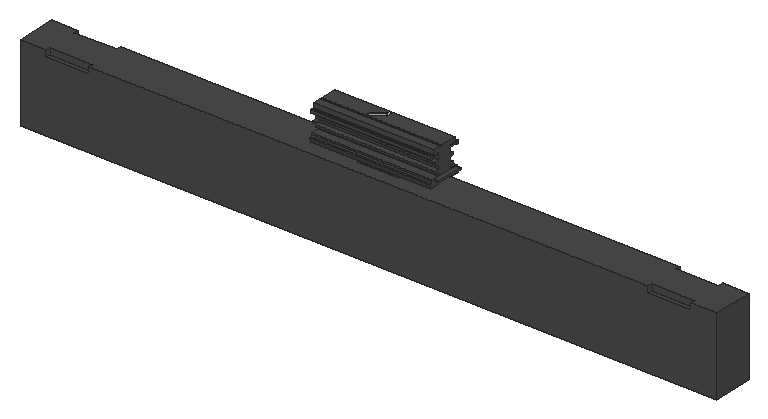
Revit family "DOT SINGLE HEAD RAIL 646_DTM30W6.5.15", category Luminarias, Revit 2019
Family settings
  Cota de conector redondo = Diámetro de uso
  Tipo de pieza = Normal
  Se basa en plano de trabajo = Sí
  Siempre vertical = Sí
  Corte con vacíos al cargar = No
  Origen de luz = Sí
  Compartido = No
  Punto de cálculo de habitación = No
Parameters (values of type "DOT SINGLE HEAD RAIL 646_DTM30W6.5.15")
  Ángulo de inclinación = 60.00°
  Zone [instance] = ""
  Watt per fixture = 30
  Wattage = 30 W
  built-in parameter 1150107 = 3000 (stored number, unit not read)
  built-in parameter 1150110 = 1 (stored number, unit not read)
  built-in parameter 1150109 = 1 (stored number, unit not read)
  built-in parameter 1150112 = 1 (stored number, unit not read)
  built-in parameter 1150113 = 1 (stored number, unit not read)
  built-in parameter 1114218 = 1 (stored number, unit not read)
  Keynote = ""
  built-in parameter 1150137 = (empty or 0)
  built-in parameter 1150132 = (empty or 0)
  Modelo = "DTM30W6.5.15"
  Lámpara = "3030SMD PHILIPS"
  built-in parameter 1150105 = 202.92 (stored number, unit not read)
  built-in parameter 1150102 = (empty or 0)
  built-in parameter 1150106 = 2.0292 (stored number, unit not read)
  Lumens = 2550 lm
  Color Filter = 16777215
  built-in parameter 1114217 = 1 (stored number, unit not read)
  built-in parameter 1150139 = (empty or 0)
  Fabricante = "BRILLANT"
  Default Elevation = 1219.2 mm
  built-in parameter 1150104 = 7.8968 (stored number, unit not read)
  Descripción = "LUMINARIA DOWNLIGHT EN FORMATO RECTANGULAR COMPATIBLE CON RIEL DE 6 ENTRADAS Y 3 CIRCUITOS CON CABEZAL PARA PODER DIRIGIR LA LUMINARIA HASTA 30 GRADOS, CUERPO DE ALUMINIO ACABADO EN COLOR NEGRO, IP 20, PESO 1.48Kg, TIPO DE LED 3030SMD PHILIPS CON 30W TOTAL, 1400 LUMENES, 85LM/W, IRC 90, TEMPERATURA EN BLANCO CALIDO 3000K, 50 MIL HORAS DE VIDA PROMEDIO, APERTURA DE 15 GRADOS POR PROYECTO, ALIMENTADO A 90-240V"
  built-in parameter 1150115 = 1 (stored number, unit not read)
  built-in parameter 1150114 = 1 (stored number, unit not read)
  Comentarios de vataje = "90-240V"
  built-in parameter 1150138 = (empty or 0)
  built-in parameter 1150134 = (empty or 0)
  Circuit [instance] = ""
  Dimming Lamp Color Temperature Shift = (empty or 0)
  Archivo de red fotométrica = "L646A-30W-830-B-15_IESNA95.IES"
  built-in parameter 1150133 = 10 (stored number, unit not read)
Reference planes
  plane 1 "Centro (Frontal/Posterior)": y = 0
  plane 2: z = 0
  plane 3 "Centro (Izquierda/Derecha)": x = 0
Forms (mm)
  Extrusion 1, solid, material "Default Form"
    sketch origin (0, 0, 0) x (1, 0, 0) y (0, 0, 1)
      loop
        line (-323, 0) -> (-323, -72) -> (323, -72) -> (323, 0) -> (-323, 0)
    from -18.326 to 18.326
  Blend 2, void
    base sketch origin (0, 0, 0) x (1, 0, 0) y (0, 1, 0)
      loop
        line (-162, 16.149) -> (-162, -16.149) -> (-144.14, -16.149) -> (-144.14, 16.149) -> (-162, 16.149)
    top sketch origin (0, 0, 0) x (1, 0, 0) y (0, 1, 0)
      loop
        line (-160, 12.149) -> (-160, -12.149) -> (-146.14, -12.149) -> (-146.14, 12.149) -> (-160, 12.149)
    from -72 to -61.591
  Blend 3, void
    base sketch origin (21.86, 0, 0) x (1, 0, 0) y (0, 1, 0)
      loop
        line (-162, 16.149) -> (-162, -16.149) -> (-144.14, -16.149) -> (-144.14, 16.149) -> (-162, 16.149)
    top sketch origin (21.86, 0, 0) x (1, 0, 0) y (0, 1, 0)
      loop
        line (-160, 12.149) -> (-160, -12.149) -> (-146.14, -12.149) -> (-146.14, 12.149) -> (-160, 12.149)
    from -72 to -61.591
  Blend 4, void
    base sketch origin (43.72, 0, 0) x (1, 0, 0) y (0, 1, 0)
      loop
        line (-162, 16.149) -> (-162, -16.149) -> (-144.14, -16.149) -> (-144.14, 16.149) -> (-162, 16.149)
    top sketch origin (43.72, 0, 0) x (1, 0, 0) y (0, 1, 0)
      loop
        line (-160, 12.149) -> (-160, -12.149) -> (-146.14, -12.149) -> (-146.14, 12.149) -> (-160, 12.149)
    from -72 to -61.591
  Blend 5, void
    base sketch origin (65.58, 0, 0) x (1, 0, 0) y (0, 1, 0)
      loop
        line (-162, 16.149) -> (-162, -16.149) -> (-144.14, -16.149) -> (-144.14, 16.149) -> (-162, 16.149)
    top sketch origin (65.58, 0, 0) x (1, 0, 0) y (0, 1, 0)
      loop
        line (-160, 12.149) -> (-160, -12.149) -> (-146.14, -12.149) -> (-146.14, 12.149) -> (-160, 12.149)
    from -72 to -61.591
  Blend 6, void
    base sketch origin (87.44, 0, 0) x (1, 0, 0) y (0, 1, 0)
      loop
        line (-162, 16.149) -> (-162, -16.149) -> (-144.14, -16.149) -> (-144.14, 16.149) -> (-162, 16.149)
    top sketch origin (87.44, 0, 0) x (1, 0, 0) y (0, 1, 0)
      loop
        line (-160, 12.149) -> (-160, -12.149) -> (-146.14, -12.149) -> (-146.14, 12.149) -> (-160, 12.149)
    from -72 to -61.591
  Blend 7, void
    base sketch origin (109.3, 0, 0) x (1, 0, 0) y (0, 1, 0)
      loop
        line (-162, 16.149) -> (-162, -16.149) -> (-144.14, -16.149) -> (-144.14, 16.149) -> (-162, 16.149)
    top sketch origin (109.3, 0, 0) x (1, 0, 0) y (0, 1, 0)
      loop
        line (-160, 12.149) -> (-160, -12.149) -> (-146.14, -12.149) -> (-146.14, 12.149) -> (-160, 12.149)
    from -72 to -61.591
  Blend 8, void
    base sketch origin (131.16, 0, 0) x (1, 0, 0) y (0, 1, 0)
      loop
        line (-162, 16.149) -> (-162, -16.149) -> (-144.14, -16.149) -> (-144.14, 16.149) -> (-162, 16.149)
    top sketch origin (131.16, 0, 0) x (1, 0, 0) y (0, 1, 0)
      loop
        line (-160, 12.149) -> (-160, -12.149) -> (-146.14, -12.149) -> (-146.14, 12.149) -> (-160, 12.149)
    from -72 to -61.591
  Blend 9, void
    base sketch origin (153.02, 0, 0) x (1, 0, 0) y (0, 1, 0)
      loop
        line (-162, 16.149) -> (-162, -16.149) -> (-144.14, -16.149) -> (-144.14, 16.149) -> (-162, 16.149)
    top sketch origin (153.02, 0, 0) x (1, 0, 0) y (0, 1, 0)
      loop
        line (-160, 12.149) -> (-160, -12.149) -> (-146.14, -12.149) -> (-146.14, 12.149) -> (-160, 12.149)
    from -72 to -61.591
  Blend 10, void
    base sketch origin (174.88, 0, 0) x (1, 0, 0) y (0, 1, 0)
      loop
        line (-162, 16.149) -> (-162, -16.149) -> (-144.14, -16.149) -> (-144.14, 16.149) -> (-162, 16.149)
    top sketch origin (174.88, 0, 0) x (1, 0, 0) y (0, 1, 0)
      loop
        line (-160, 12.149) -> (-160, -12.149) -> (-146.14, -12.149) -> (-146.14, 12.149) -> (-160, 12.149)
    from -72 to -61.591
  Blend 11, void
    base sketch origin (196.74, 0, 0) x (1, 0, 0) y (0, 1, 0)
      loop
        line (-162, 16.149) -> (-162, -16.149) -> (-144.14, -16.149) -> (-144.14, 16.149) -> (-162, 16.149)
    top sketch origin (196.74, 0, 0) x (1, 0, 0) y (0, 1, 0)
      loop
        line (-160, 12.149) -> (-160, -12.149) -> (-146.14, -12.149) -> (-146.14, 12.149) -> (-160, 12.149)
    from -72 to -61.591
  Blend 12, void
    base sketch origin (218.6, 0, 0) x (1, 0, 0) y (0, 1, 0)
      loop
        line (-162, 16.149) -> (-162, -16.149) -> (-144.14, -16.149) -> (-144.14, 16.149) -> (-162, 16.149)
    top sketch origin (218.6, 0, 0) x (1, 0, 0) y (0, 1, 0)
      loop
        line (-160, 12.149) -> (-160, -12.149) -> (-146.14, -12.149) -> (-146.14, 12.149) -> (-160, 12.149)
    from -72 to -61.591
  Blend 13, void
    base sketch origin (240.46, 0, 0) x (1, 0, 0) y (0, 1, 0)
      loop
        line (-162, 16.149) -> (-162, -16.149) -> (-144.14, -16.149) -> (-144.14, 16.149) -> (-162, 16.149)
    top sketch origin (240.46, 0, 0) x (1, 0, 0) y (0, 1, 0)
      loop
        line (-160, 12.149) -> (-160, -12.149) -> (-146.14, -12.149) -> (-146.14, 12.149) -> (-160, 12.149)
    from -72 to -61.591
  Blend 14, void
    base sketch origin (262.32, 0, 0) x (1, 0, 0) y (0, 1, 0)
      loop
        line (-162, 16.149) -> (-162, -16.149) -> (-144.14, -16.149) -> (-144.14, 16.149) -> (-162, 16.149)
    top sketch origin (262.32, 0, 0) x (1, 0, 0) y (0, 1, 0)
      loop
        line (-160, 12.149) -> (-160, -12.149) -> (-146.14, -12.149) -> (-146.14, 12.149) -> (-160, 12.149)
    from -72 to -61.591
  Blend 15, void
    base sketch origin (284.18, 0, 0) x (1, 0, 0) y (0, 1, 0)
      loop
        line (-162, 16.149) -> (-162, -16.149) -> (-144.14, -16.149) -> (-144.14, 16.149) -> (-162, 16.149)
    top sketch origin (284.18, 0, 0) x (1, 0, 0) y (0, 1, 0)
      loop
        line (-160, 12.149) -> (-160, -12.149) -> (-146.14, -12.149) -> (-146.14, 12.149) -> (-160, 12.149)
    from -72 to -61.591
  Blend 16, void
    base sketch origin (306.04, 0, 0) x (1, 0, 0) y (0, 1, 0)
      loop
        line (-162, 16.149) -> (-162, -16.149) -> (-144.14, -16.149) -> (-144.14, 16.149) -> (-162, 16.149)
    top sketch origin (306.04, 0, 0) x (1, 0, 0) y (0, 1, 0)
      loop
        line (-160, 12.149) -> (-160, -12.149) -> (-146.14, -12.149) -> (-146.14, 12.149) -> (-160, 12.149)
    from -72 to -61.591
  Extrusion 17, solid, material "Default Form"
    sketch origin (-55.628, 0, 7.5) x (0, 1, 0) y (0, 0, 1)
      loop
        line (-7.273, 1.74) -> (7.273, 1.74) -> (7.273, 0) -> (15.231, 0) -> (17.006, 4.494) -> (15.021, 4.494) -> (14.058, 5.868) -> (14.058, 7.166) -> (6.473, 7.166) -> (6.473, 9.324) -> (10.169, 10.163) -> (10.169, 12.464) -> (6.473, 13.302) -> (6.473, 16.66) -> (10.169, 17.499) -> (10.169, 19.8) -> (6.473, 20.638) -> (6.473, 25.016) -> (13.839, 25.016) -> (14.514, 24.341) -> (15.775, 24.341) -> (15.775, 27.171) -> (14.73, 27.171) -> (14.058, 26.499) -> (6.473, 26.499) -> (6.473, 27.299) -> (12.377, 27.299) -> (12.377, 31.471) -> (-2.744, 31.471) -> (-2.744, 30.671) -> (-5.514, 30.671) -> (-5.514, 31.471) -> (-12.377, 31.471) -> (-12.377, 27.299) -> (-6.473, 27.299) -> (-6.473, 26.499) -> (-14.058, 26.499) -> (-14.73, 27.171) -> (-15.775, 27.171) -> (-15.775, 24.341) -> (-14.514, 24.341) -> (-13.839, 25.016) -> (-6.473, 25.016) -> (-6.473, 20.638) -> (-10.169, 19.8) -> (-10.169, 17.499) -> (-6.473, 16.66) -> (-6.473, 13.302) -> (-10.169, 12.464) -> (-10.169, 10.163) -> (-6.473, 9.324) -> (-6.473, 7.166) -> (-14.058, 7.166) -> (-14.058, 5.868) -> (-15.021, 4.494) -> (-17.006, 4.494) -> (-15.231, 0) -> (-7.273, 0) -> (-7.273, 1.74)
    from 0 to 111.256
  Extrusion 18, solid, material "Default Form"
    sketch origin (0, 0, 0) x (1, 0, 0) y (0, 1, 0)
      loop
        line (-19.12, 6.873) -> (-19.12, -6.873) -> (19.12, -6.873) -> (19.12, 6.873) -> (-19.12, 6.873)
    from 0 to 2.67
  Extrusion 19, solid, material "Default Form"
    sketch origin (0, 0, 0) x (1, 0, 0) y (0, 1, 0)
      loop
        line (-10.93, 3.188) -> (-10.93, -3.188) -> (10.93, -3.188) -> (10.93, 3.188) -> (-10.93, 3.188)
    from 2.67 to 7.5
  Extrusion 20, void
    sketch origin (0, 0, 0) x (1, 0, 0) y (0, 1, 0)
      loop
        line (-259.42, 18.326) -> (-299.14, 18.326) -> (-299.14, 14.276) -> (-259.42, 14.276) -> (-259.42, 18.326)
      loop
        line (-299.14, -18.326) -> (-259.42, -18.326) -> (-259.42, -14.276) -> (-299.14, -14.276) -> (-299.14, -18.326)
      loop
        line (299.14, -18.326) -> (299.14, -14.276) -> (259.42, -14.276) -> (259.42, -18.326) -> (299.14, -18.326)
      loop
        line (299.14, 18.326) -> (259.42, 18.326) -> (259.42, 14.276) -> (299.14, 14.276) -> (299.14, 18.326)
    from -6.015 to 0
  Extrusion 21, solid, material "Acero Inoxidable"
    sketch origin (0, -1.594, 0) x (1, 0, 0) y (0, 0, -1)
      loop
        line (-15, -38.971) -> (3.794, -45.811) -> (4.341, -44.308) -> (3.589, -44.034) -> (3.316, -44.786) -> (-12.661, -38.971) -> (-15, -38.971)
    from 0 to 3.188
  Extrusion 22, solid, material "Default Form"
    sketch origin (0, 0, 0) x (1, 0, 0) y (0, 1, 0)
      loop
        line (-55.628, 6.473) -> (-66.331, 6.473) -> (-66.331, 0) -> (-55.628, 0) -> (-55.628, 6.473)
      loop
        line (55.628, 12.377) -> (55.628, -12.149) -> (60.628, -12.149) -> (60.628, 12.377) -> (55.628, 12.377)
    from 13.368 to 15
  Blend 23, void
    base sketch origin (-87.44, 0, 0) x (1, 0, 0) y (0, 1, 0)
      loop
        line (-162, 16.149) -> (-162, -16.149) -> (-144.14, -16.149) -> (-144.14, 16.149) -> (-162, 16.149)
    top sketch origin (-87.44, 0, 0) x (1, 0, 0) y (0, 1, 0)
      loop
        line (-160, 12.149) -> (-160, -12.149) -> (-146.14, -12.149) -> (-146.14, 12.149) -> (-160, 12.149)
    from -72 to -61.591
  Blend 24, void
    base sketch origin (-65.58, 0, 0) x (1, 0, 0) y (0, 1, 0)
      loop
        line (-162, 16.149) -> (-162, -16.149) -> (-144.14, -16.149) -> (-144.14, 16.149) -> (-162, 16.149)
    top sketch origin (-65.58, 0, 0) x (1, 0, 0) y (0, 1, 0)
      loop
        line (-160, 12.149) -> (-160, -12.149) -> (-146.14, -12.149) -> (-146.14, 12.149) -> (-160, 12.149)
    from -72 to -61.591
  Blend 25, void
    base sketch origin (-43.72, 0, 0) x (1, 0, 0) y (0, 1, 0)
      loop
        line (-162, 16.149) -> (-162, -16.149) -> (-144.14, -16.149) -> (-144.14, 16.149) -> (-162, 16.149)
    top sketch origin (-43.72, 0, 0) x (1, 0, 0) y (0, 1, 0)
      loop
        line (-160, 12.149) -> (-160, -12.149) -> (-146.14, -12.149) -> (-146.14, 12.149) -> (-160, 12.149)
    from -72 to -61.591
  Blend 26, void
    base sketch origin (-21.86, 0, 0) x (1, 0, 0) y (0, 1, 0)
      loop
        line (-162, 16.149) -> (-162, -16.149) -> (-144.14, -16.149) -> (-144.14, 16.149) -> (-162, 16.149)
    top sketch origin (-21.86, 0, 0) x (1, 0, 0) y (0, 1, 0)
      loop
        line (-160, 12.149) -> (-160, -12.149) -> (-146.14, -12.149) -> (-146.14, 12.149) -> (-160, 12.149)
    from -72 to -61.591
  Blend 27, void
    base sketch origin (-109.3, 0, 0) x (1, 0, 0) y (0, 1, 0)
      loop
        line (-162, 16.149) -> (-162, -16.149) -> (-144.14, -16.149) -> (-144.14, 16.149) -> (-162, 16.149)
    top sketch origin (-109.3, 0, 0) x (1, 0, 0) y (0, 1, 0)
      loop
        line (-160, 12.149) -> (-160, -12.149) -> (-146.14, -12.149) -> (-146.14, 12.149) -> (-160, 12.149)
    from -72 to -61.591
  Blend 28, void
    base sketch origin (327.9, 0, 0) x (1, 0, 0) y (0, 1, 0)
      loop
        line (-162, 16.149) -> (-162, -16.149) -> (-144.14, -16.149) -> (-144.14, 16.149) -> (-162, 16.149)
    top sketch origin (327.9, 0, 0) x (1, 0, 0) y (0, 1, 0)
      loop
        line (-160, 12.149) -> (-160, -12.149) -> (-146.14, -12.149) -> (-146.14, 12.149) -> (-160, 12.149)
    from -72 to -61.591
  Blend 29, void
    base sketch origin (349.76, 0, 0) x (1, 0, 0) y (0, 1, 0)
      loop
        line (-162, 16.149) -> (-162, -16.149) -> (-144.14, -16.149) -> (-144.14, 16.149) -> (-162, 16.149)
    top sketch origin (349.76, 0, 0) x (1, 0, 0) y (0, 1, 0)
      loop
        line (-160, 12.149) -> (-160, -12.149) -> (-146.14, -12.149) -> (-146.14, 12.149) -> (-160, 12.149)
    from -72 to -61.591
  Blend 30, void
    base sketch origin (371.62, 0, 0) x (1, 0, 0) y (0, 1, 0)
      loop
        line (-162, 16.149) -> (-162, -16.149) -> (-144.14, -16.149) -> (-144.14, 16.149) -> (-162, 16.149)
    top sketch origin (371.62, 0, 0) x (1, 0, 0) y (0, 1, 0)
      loop
        line (-160, 12.149) -> (-160, -12.149) -> (-146.14, -12.149) -> (-146.14, 12.149) -> (-160, 12.149)
    from -72 to -61.591
  Blend 31, void
    base sketch origin (393.48, 0, 0) x (1, 0, 0) y (0, 1, 0)
      loop
        line (-162, 16.149) -> (-162, -16.149) -> (-144.14, -16.149) -> (-144.14, 16.149) -> (-162, 16.149)
    top sketch origin (393.48, 0, 0) x (1, 0, 0) y (0, 1, 0)
      loop
        line (-160, 12.149) -> (-160, -12.149) -> (-146.14, -12.149) -> (-146.14, 12.149) -> (-160, 12.149)
    from -72 to -61.591
  Blend 32, void
    base sketch origin (415.34, 0, 0) x (1, 0, 0) y (0, 1, 0)
      loop
        line (-162, 16.149) -> (-162, -16.149) -> (-144.14, -16.149) -> (-144.14, 16.149) -> (-162, 16.149)
    top sketch origin (415.34, 0, 0) x (1, 0, 0) y (0, 1, 0)
      loop
        line (-160, 12.149) -> (-160, -12.149) -> (-146.14, -12.149) -> (-146.14, 12.149) -> (-160, 12.149)
    from -72 to -61.591
Cuts and joins
  Blend 2, Blend 3, Blend 4, Blend 5, Blend 6, Blend 7, Blend 8, Blend 9, Blend 10, Blend 11, Blend 12, Blend 13, Blend 14, Blend 15, Blend 16, Extrusion 20, Blend 23, Blend 24, Blend 25, Blend 26, Blend 27, Blend 28, Blend 29, Blend 30, Blend 31, Blend 32 cuts Extrusion 1
Dimensions and locks
  equal spacing: Extrusion 1, plane 1 "Centro (Frontal/Posterior)", Extrusion 1
  Extrusion 1 to plane 1 "Centro (Frontal/Posterior)" = 18.326 mm
  Extrusion 1 to Extrusion 1 = 36.651 mm
  Extrusion 1 to Extrusion 1 = 72 mm
  Extrusion 1 to Extrusion 1 = 646 mm
  cut or joined group 1 (Extrusion 1, Blend 2, Blend 3, Blend 4, Blend 5, Blend 6, Blend 7, Blend 8, Blend 9, Blend 10, Blend 11, Blend 12, Blend 13, Blend 14, Blend 15, Blend 16, Extrusion 20, Blend 23, Blend 24, Blend 25, Blend 26, Blend 27, Blend 28, Blend 29, Blend 30, Blend 31, Blend 32) to cut or joined group 1 = 72 mm
  cut or joined group 1 to cut or joined group 1 = 36.651 mm
  cut or joined group 1 to cut or joined group 1 = 646 mm
  equal spacing: cut or joined group 1, plane 1 "Centro (Frontal/Posterior)", cut or joined group 1
  cut or joined group 1 to cut or joined group 1 = 23.86 mm  (x2)
  aligned and locked: level to plane 2
  aligned and locked: Extrusion 19 to Extrusion 17
  aligned and locked: Extrusion 19 to Extrusion 18
Automatic sketch dimensions
  Extrusion 1 sketch curve to level = 0 mm
  Extrusion 1 sketch curve to level = 72 mm
  Extrusion 1 sketch curve to plane 3 "Centro (Izquierda/Derecha)" = 323 mm
  plane 3 "Centro (Izquierda/Derecha)" to Extrusion 1 sketch curve = 323 mm
  Blend 2 sketch curve to plane 1 "Centro (Frontal/Posterior)" = 16.149 mm
  Blend 2 sketch curve to plane 3 "Centro (Izquierda/Derecha)" = 162 mm
  Blend 2 sketch curve to Blend 2 sketch curve = 17.86 mm
  plane 1 "Centro (Frontal/Posterior)" to Blend 2 sketch curve = 16.149 mm
  Blend 2 sketch curve to plane 1 "Centro (Frontal/Posterior)" = 12.149 mm
  Blend 2 sketch curve to plane 3 "Centro (Izquierda/Derecha)" = 160 mm
  Blend 2 sketch curve to Blend 2 sketch curve = 13.86 mm
  plane 1 "Centro (Frontal/Posterior)" to Blend 2 sketch curve = 12.149 mm
  Blend 3 sketch curve to plane 1 "Centro (Frontal/Posterior)" = 16.149 mm
  Blend 3 sketch curve to plane 3 "Centro (Izquierda/Derecha)" = 140.14 mm
  Blend 3 sketch curve to Blend 3 sketch curve = 17.86 mm
  plane 1 "Centro (Frontal/Posterior)" to Blend 3 sketch curve = 16.149 mm
  Blend 3 sketch curve to plane 1 "Centro (Frontal/Posterior)" = 12.149 mm
  Blend 3 sketch curve to plane 3 "Centro (Izquierda/Derecha)" = 138.14 mm
  Blend 3 sketch curve to Blend 3 sketch curve = 13.86 mm
  plane 1 "Centro (Frontal/Posterior)" to Blend 3 sketch curve = 12.149 mm
  Blend 4 sketch curve to plane 1 "Centro (Frontal/Posterior)" = 16.149 mm
  Blend 4 sketch curve to plane 3 "Centro (Izquierda/Derecha)" = 118.28 mm
  Blend 4 sketch curve to Blend 4 sketch curve = 17.86 mm
  plane 1 "Centro (Frontal/Posterior)" to Blend 4 sketch curve = 16.149 mm
  Blend 4 sketch curve to plane 1 "Centro (Frontal/Posterior)" = 12.149 mm
  Blend 4 sketch curve to plane 3 "Centro (Izquierda/Derecha)" = 116.28 mm
  Blend 4 sketch curve to Blend 4 sketch curve = 13.86 mm
  plane 1 "Centro (Frontal/Posterior)" to Blend 4 sketch curve = 12.149 mm
  Blend 5 sketch curve to plane 1 "Centro (Frontal/Posterior)" = 16.149 mm
  Blend 5 sketch curve to plane 3 "Centro (Izquierda/Derecha)" = 96.42 mm
  Blend 5 sketch curve to Blend 5 sketch curve = 17.86 mm
  plane 1 "Centro (Frontal/Posterior)" to Blend 5 sketch curve = 16.149 mm
  Blend 5 sketch curve to plane 1 "Centro (Frontal/Posterior)" = 12.149 mm
  Blend 5 sketch curve to plane 3 "Centro (Izquierda/Derecha)" = 94.42 mm
  Blend 5 sketch curve to Blend 5 sketch curve = 13.86 mm
  plane 1 "Centro (Frontal/Posterior)" to Blend 5 sketch curve = 12.149 mm
  Blend 6 sketch curve to plane 1 "Centro (Frontal/Posterior)" = 16.149 mm
  Blend 6 sketch curve to plane 3 "Centro (Izquierda/Derecha)" = 74.56 mm
  Blend 6 sketch curve to Blend 6 sketch curve = 17.86 mm
  plane 1 "Centro (Frontal/Posterior)" to Blend 6 sketch curve = 16.149 mm
  Blend 6 sketch curve to plane 1 "Centro (Frontal/Posterior)" = 12.149 mm
  Blend 6 sketch curve to plane 3 "Centro (Izquierda/Derecha)" = 72.56 mm
  Blend 6 sketch curve to Blend 6 sketch curve = 13.86 mm
  plane 1 "Centro (Frontal/Posterior)" to Blend 6 sketch curve = 12.149 mm
  Blend 7 sketch curve to plane 1 "Centro (Frontal/Posterior)" = 16.149 mm
  Blend 7 sketch curve to plane 3 "Centro (Izquierda/Derecha)" = 52.7 mm
  Blend 7 sketch curve to Blend 7 sketch curve = 17.86 mm
  plane 1 "Centro (Frontal/Posterior)" to Blend 7 sketch curve = 16.149 mm
  Blend 7 sketch curve to plane 1 "Centro (Frontal/Posterior)" = 12.149 mm
  Blend 7 sketch curve to plane 3 "Centro (Izquierda/Derecha)" = 50.7 mm
  Blend 7 sketch curve to Blend 7 sketch curve = 13.86 mm
  plane 1 "Centro (Frontal/Posterior)" to Blend 7 sketch curve = 12.149 mm
  Blend 8 sketch curve to plane 3 "Centro (Izquierda/Derecha)" = 30.84 mm
  Blend 8 sketch curve to plane 3 "Centro (Izquierda/Derecha)" = 12.98 mm
  plane 1 "Centro (Frontal/Posterior)" to Blend 8 sketch curve = 16.149 mm
  Blend 8 sketch curve to plane 1 "Centro (Frontal/Posterior)" = 16.149 mm
  Blend 8 sketch curve to plane 1 "Centro (Frontal/Posterior)" = 12.149 mm
  Blend 8 sketch curve to plane 3 "Centro (Izquierda/Derecha)" = 28.84 mm
  Blend 8 sketch curve to Blend 8 sketch curve = 13.86 mm
  plane 1 "Centro (Frontal/Posterior)" to Blend 8 sketch curve = 12.149 mm
  Blend 9 sketch curve to plane 3 "Centro (Izquierda/Derecha)" = 8.98 mm
  plane 3 "Centro (Izquierda/Derecha)" to Blend 9 sketch curve = 8.88 mm
  plane 1 "Centro (Frontal/Posterior)" to Blend 9 sketch curve = 16.149 mm
  Blend 9 sketch curve to plane 1 "Centro (Frontal/Posterior)" = 16.149 mm
  Blend 9 sketch curve to plane 3 "Centro (Izquierda/Derecha)" = 6.98 mm
  plane 3 "Centro (Izquierda/Derecha)" to Blend 9 sketch curve = 6.88 mm
  plane 1 "Centro (Frontal/Posterior)" to Blend 9 sketch curve = 12.149 mm
  Blend 9 sketch curve to plane 1 "Centro (Frontal/Posterior)" = 12.149 mm
  plane 3 "Centro (Izquierda/Derecha)" to Blend 10 sketch curve = 12.88 mm
  Blend 10 sketch curve to Blend 10 sketch curve = 17.86 mm
  plane 1 "Centro (Frontal/Posterior)" to Blend 10 sketch curve = 16.149 mm
  Blend 10 sketch curve to plane 1 "Centro (Frontal/Posterior)" = 16.149 mm
  plane 3 "Centro (Izquierda/Derecha)" to Blend 10 sketch curve = 14.88 mm
  Blend 10 sketch curve to Blend 10 sketch curve = 13.86 mm
  plane 1 "Centro (Frontal/Posterior)" to Blend 10 sketch curve = 12.149 mm
  Blend 10 sketch curve to plane 1 "Centro (Frontal/Posterior)" = 12.149 mm
  Blend 11 sketch curve to plane 1 "Centro (Frontal/Posterior)" = 16.149 mm
  plane 3 "Centro (Izquierda/Derecha)" to Blend 11 sketch curve = 34.74 mm
  Blend 11 sketch curve to Blend 11 sketch curve = 17.86 mm
  plane 1 "Centro (Frontal/Posterior)" to Blend 11 sketch curve = 16.149 mm
  Blend 11 sketch curve to plane 1 "Centro (Frontal/Posterior)" = 12.149 mm
  plane 3 "Centro (Izquierda/Derecha)" to Blend 11 sketch curve = 36.74 mm
  Blend 11 sketch curve to Blend 11 sketch curve = 13.86 mm
  plane 1 "Centro (Frontal/Posterior)" to Blend 11 sketch curve = 12.149 mm
  Blend 12 sketch curve to plane 1 "Centro (Frontal/Posterior)" = 16.149 mm
  plane 3 "Centro (Izquierda/Derecha)" to Blend 12 sketch curve = 56.6 mm
  Blend 12 sketch curve to Blend 12 sketch curve = 17.86 mm
  plane 1 "Centro (Frontal/Posterior)" to Blend 12 sketch curve = 16.149 mm
  Blend 12 sketch curve to plane 1 "Centro (Frontal/Posterior)" = 12.149 mm
  plane 3 "Centro (Izquierda/Derecha)" to Blend 12 sketch curve = 58.6 mm
  Blend 12 sketch curve to Blend 12 sketch curve = 13.86 mm
  plane 1 "Centro (Frontal/Posterior)" to Blend 12 sketch curve = 12.149 mm
  Blend 13 sketch curve to plane 1 "Centro (Frontal/Posterior)" = 16.149 mm
  plane 3 "Centro (Izquierda/Derecha)" to Blend 13 sketch curve = 78.46 mm
  Blend 13 sketch curve to Blend 13 sketch curve = 17.86 mm
  plane 1 "Centro (Frontal/Posterior)" to Blend 13 sketch curve = 16.149 mm
  Blend 13 sketch curve to plane 1 "Centro (Frontal/Posterior)" = 12.149 mm
  plane 3 "Centro (Izquierda/Derecha)" to Blend 13 sketch curve = 80.46 mm
  Blend 13 sketch curve to Blend 13 sketch curve = 13.86 mm
  plane 1 "Centro (Frontal/Posterior)" to Blend 13 sketch curve = 12.149 mm
  Blend 14 sketch curve to plane 1 "Centro (Frontal/Posterior)" = 16.149 mm
  plane 3 "Centro (Izquierda/Derecha)" to Blend 14 sketch curve = 100.32 mm
  Blend 14 sketch curve to Blend 14 sketch curve = 17.86 mm
  plane 1 "Centro (Frontal/Posterior)" to Blend 14 sketch curve = 16.149 mm
  Blend 14 sketch curve to plane 1 "Centro (Frontal/Posterior)" = 12.149 mm
  plane 3 "Centro (Izquierda/Derecha)" to Blend 14 sketch curve = 102.32 mm
  Blend 14 sketch curve to Blend 14 sketch curve = 13.86 mm
  plane 1 "Centro (Frontal/Posterior)" to Blend 14 sketch curve = 12.149 mm
  Blend 15 sketch curve to plane 1 "Centro (Frontal/Posterior)" = 16.149 mm
  plane 3 "Centro (Izquierda/Derecha)" to Blend 15 sketch curve = 122.18 mm
  Blend 15 sketch curve to Blend 15 sketch curve = 17.86 mm
  plane 1 "Centro (Frontal/Posterior)" to Blend 15 sketch curve = 16.149 mm
  Blend 15 sketch curve to plane 1 "Centro (Frontal/Posterior)" = 12.149 mm
  plane 3 "Centro (Izquierda/Derecha)" to Blend 15 sketch curve = 124.18 mm
  Blend 15 sketch curve to Blend 15 sketch curve = 13.86 mm
  plane 1 "Centro (Frontal/Posterior)" to Blend 15 sketch curve = 12.149 mm
  Blend 16 sketch curve to plane 1 "Centro (Frontal/Posterior)" = 16.149 mm
  plane 3 "Centro (Izquierda/Derecha)" to Blend 16 sketch curve = 144.04 mm
  Blend 16 sketch curve to Blend 16 sketch curve = 17.86 mm
  plane 1 "Centro (Frontal/Posterior)" to Blend 16 sketch curve = 16.149 mm
  Blend 16 sketch curve to plane 1 "Centro (Frontal/Posterior)" = 12.149 mm
  plane 3 "Centro (Izquierda/Derecha)" to Blend 16 sketch curve = 146.04 mm
  Blend 16 sketch curve to Blend 16 sketch curve = 13.86 mm
  plane 1 "Centro (Frontal/Posterior)" to Blend 16 sketch curve = 12.149 mm
  plane 1 "Centro (Frontal/Posterior)" to Extrusion 17 sketch curve = 17.006 mm
  plane 1 "Centro (Frontal/Posterior)" to Extrusion 17 sketch curve = 15.775 mm
  level to Extrusion 17 sketch curve = 7.5 mm  (x2)
  Extrusion 17 sketch curve to Extrusion 17 sketch curve = 1.775 mm
  Extrusion 17 sketch curve to Extrusion 17 sketch curve = 1.985 mm  (x2)
  Extrusion 17 sketch curve to Extrusion 17 sketch curve = 1.045 mm
  Extrusion 17 sketch curve to Extrusion 17 sketch curve = 1.261 mm  (x2)
  Extrusion 17 sketch curve to Extrusion 17 sketch curve = 0.963 mm  (x2)
  Extrusion 17 sketch curve to Extrusion 17 sketch curve = 0.672 mm  (x4)
  Extrusion 17 sketch curve to Extrusion 17 sketch curve = 0.675 mm  (x3)
  Extrusion 17 sketch curve to Extrusion 17 sketch curve = 2.354 mm
  Extrusion 17 sketch curve to Extrusion 17 sketch curve = 4.345 mm
  Extrusion 17 sketch curve to Extrusion 17 sketch curve = 3.89 mm  (x2)
  plane 1 "Centro (Frontal/Posterior)" to Extrusion 17 sketch curve = 7.273 mm
  Extrusion 17 sketch curve to Extrusion 17 sketch curve = 3.696 mm  (x4)
  Extrusion 17 sketch curve to Extrusion 17 sketch curve = 5.904 mm  (x2)
  Extrusion 17 sketch curve to Extrusion 17 sketch curve = 0 mm  (x3)
  Extrusion 17 sketch curve to Extrusion 17 sketch curve = 0.959 mm
  plane 1 "Centro (Frontal/Posterior)" to Extrusion 17 sketch curve = 2.744 mm
  Extrusion 17 sketch curve to plane 1 "Centro (Frontal/Posterior)" = 6.473 mm  (x2)
  Extrusion 17 sketch curve to Extrusion 17 sketch curve = 0.8 mm  (x3)
  Extrusion 17 sketch curve to Extrusion 17 sketch curve = 1.462 mm
  Extrusion 17 sketch curve to Extrusion 17 sketch curve = 0.22 mm
  Extrusion 17 sketch curve to Extrusion 17 sketch curve = 0.21 mm
  Extrusion 17 sketch curve to Extrusion 17 sketch curve = 1.74 mm
  Extrusion 17 sketch curve to Extrusion 17 sketch curve = 4.494 mm  (x2)
  Extrusion 17 sketch curve to Extrusion 17 sketch curve = 1.375 mm  (x2)
  Extrusion 17 sketch curve to Extrusion 17 sketch curve = 5.426 mm  (x2)
  Extrusion 17 sketch curve to Extrusion 17 sketch curve = 2.158 mm  (x2)
  Extrusion 17 sketch curve to Extrusion 17 sketch curve = 0.839 mm  (x8)
  Extrusion 17 sketch curve to Extrusion 17 sketch curve = 2.301 mm  (x4)
  Extrusion 17 sketch curve to Extrusion 17 sketch curve = 3.358 mm  (x2)
  Extrusion 17 sketch curve to Extrusion 17 sketch curve = 4.541 mm  (x2)
  Extrusion 17 sketch curve to Extrusion 17 sketch curve = 4.378 mm
  Extrusion 17 sketch curve to Extrusion 17 sketch curve = 1.483 mm  (x2)
  Extrusion 17 sketch curve to Extrusion 17 sketch curve = 3.372 mm
  Extrusion 17 sketch curve to Extrusion 17 sketch curve = 4.172 mm  (x2)
  plane 1 "Centro (Frontal/Posterior)" to Extrusion 18 sketch curve = 6.873 mm
  Extrusion 18 sketch curve to plane 3 "Centro (Izquierda/Derecha)" = 19.12 mm
  plane 3 "Centro (Izquierda/Derecha)" to Extrusion 18 sketch curve = 19.12 mm
  Extrusion 18 sketch curve to plane 1 "Centro (Frontal/Posterior)" = 6.873 mm
  plane 1 "Centro (Frontal/Posterior)" to Extrusion 19 sketch curve = 3.188 mm
  Extrusion 19 sketch curve to plane 3 "Centro (Izquierda/Derecha)" = 10.93 mm
  plane 3 "Centro (Izquierda/Derecha)" to Extrusion 19 sketch curve = 10.93 mm
  Extrusion 19 sketch curve to plane 1 "Centro (Frontal/Posterior)" = 3.188 mm
  plane 1 "Centro (Frontal/Posterior)" to Extrusion 20 sketch curve = 18.326 mm
  Extrusion 20 sketch curve to plane 3 "Centro (Izquierda/Derecha)" = 299.14 mm
  Extrusion 20 sketch curve to Extrusion 20 sketch curve = 0 mm  (x4)
  Extrusion 20 sketch curve to Extrusion 20 sketch curve = 39.72 mm  (x2)
  plane 1 "Centro (Frontal/Posterior)" to Extrusion 20 sketch curve = 14.276 mm
  plane 3 "Centro (Izquierda/Derecha)" to Extrusion 20 sketch curve = 259.42 mm
  Extrusion 20 sketch curve to plane 1 "Centro (Frontal/Posterior)" = 18.326 mm
  Extrusion 20 sketch curve to Extrusion 20 sketch curve = 4.049 mm  (x4)
  Extrusion 20 sketch curve to plane 1 "Centro (Frontal/Posterior)" = 14.276 mm
  Extrusion 21 sketch curve to plane 3 "Centro (Izquierda/Derecha)" = 15 mm
  Extrusion 21 sketch curve to Extrusion 21 sketch curve = 2.339 mm
  plane 3 "Centro (Izquierda/Derecha)" to Extrusion 21 sketch curve = 3.316 mm
  Extrusion 21 sketch curve to Extrusion 21 sketch curve = 0.274 mm
  Extrusion 21 sketch curve to Extrusion 21 sketch curve = 0.478 mm
  Extrusion 21 sketch curve to Extrusion 21 sketch curve = 0.752 mm
  level to Extrusion 21 sketch curve = 45.811 mm
  plane 1 "Centro (Frontal/Posterior)" to Extrusion 22 sketch curve = 0 mm
  Extrusion 22 sketch curve to plane 1 "Centro (Frontal/Posterior)" = 6.473 mm
  Extrusion 22 sketch curve to plane 3 "Centro (Izquierda/Derecha)" = 66.331 mm
  Extrusion 22 sketch curve to Extrusion 22 sketch curve = 10.703 mm
  Extrusion 22 sketch curve to plane 1 "Centro (Frontal/Posterior)" = 12.377 mm
  plane 3 "Centro (Izquierda/Derecha)" to Extrusion 22 sketch curve = 55.628 mm
  Extrusion 22 sketch curve to Extrusion 22 sketch curve = 5 mm
  plane 1 "Centro (Frontal/Posterior)" to Extrusion 22 sketch curve = 12.149 mm
  Blend 23 sketch curve to plane 1 "Centro (Frontal/Posterior)" = 16.149 mm
  Blend 23 sketch curve to plane 3 "Centro (Izquierda/Derecha)" = 249.44 mm
  Blend 23 sketch curve to Blend 23 sketch curve = 17.86 mm
  plane 1 "Centro (Frontal/Posterior)" to Blend 23 sketch curve = 16.149 mm
  Blend 23 sketch curve to plane 1 "Centro (Frontal/Posterior)" = 12.149 mm
  Blend 23 sketch curve to plane 3 "Centro (Izquierda/Derecha)" = 247.44 mm
  Blend 23 sketch curve to Blend 23 sketch curve = 13.86 mm
  plane 1 "Centro (Frontal/Posterior)" to Blend 23 sketch curve = 12.149 mm
  Blend 24 sketch curve to plane 1 "Centro (Frontal/Posterior)" = 16.149 mm
  Blend 24 sketch curve to plane 3 "Centro (Izquierda/Derecha)" = 227.58 mm
  Blend 24 sketch curve to Blend 24 sketch curve = 17.86 mm
  plane 1 "Centro (Frontal/Posterior)" to Blend 24 sketch curve = 16.149 mm
  Blend 24 sketch curve to plane 1 "Centro (Frontal/Posterior)" = 12.149 mm
  Blend 24 sketch curve to plane 3 "Centro (Izquierda/Derecha)" = 225.58 mm
  Blend 24 sketch curve to Blend 24 sketch curve = 13.86 mm
  plane 1 "Centro (Frontal/Posterior)" to Blend 24 sketch curve = 12.149 mm
  Blend 25 sketch curve to plane 1 "Centro (Frontal/Posterior)" = 16.149 mm
  Blend 25 sketch curve to plane 3 "Centro (Izquierda/Derecha)" = 205.72 mm
  Blend 25 sketch curve to Blend 25 sketch curve = 17.86 mm
  plane 1 "Centro (Frontal/Posterior)" to Blend 25 sketch curve = 16.149 mm
  Blend 25 sketch curve to plane 1 "Centro (Frontal/Posterior)" = 12.149 mm
  Blend 25 sketch curve to plane 3 "Centro (Izquierda/Derecha)" = 203.72 mm
  Blend 25 sketch curve to Blend 25 sketch curve = 13.86 mm
  plane 1 "Centro (Frontal/Posterior)" to Blend 25 sketch curve = 12.149 mm
  Blend 26 sketch curve to plane 1 "Centro (Frontal/Posterior)" = 16.149 mm
  Blend 26 sketch curve to plane 3 "Centro (Izquierda/Derecha)" = 183.86 mm
  Blend 26 sketch curve to Blend 26 sketch curve = 17.86 mm
  plane 1 "Centro (Frontal/Posterior)" to Blend 26 sketch curve = 16.149 mm
  Blend 26 sketch curve to plane 1 "Centro (Frontal/Posterior)" = 12.149 mm
  Blend 26 sketch curve to plane 3 "Centro (Izquierda/Derecha)" = 181.86 mm
  Blend 26 sketch curve to Blend 26 sketch curve = 13.86 mm
  plane 1 "Centro (Frontal/Posterior)" to Blend 26 sketch curve = 12.149 mm
  Blend 27 sketch curve to plane 1 "Centro (Frontal/Posterior)" = 16.149 mm
  Blend 27 sketch curve to plane 3 "Centro (Izquierda/Derecha)" = 271.3 mm
  Blend 27 sketch curve to Blend 27 sketch curve = 17.86 mm
  plane 1 "Centro (Frontal/Posterior)" to Blend 27 sketch curve = 16.149 mm
  Blend 27 sketch curve to plane 1 "Centro (Frontal/Posterior)" = 12.149 mm
  Blend 27 sketch curve to plane 3 "Centro (Izquierda/Derecha)" = 269.3 mm
  Blend 27 sketch curve to Blend 27 sketch curve = 13.86 mm
  plane 1 "Centro (Frontal/Posterior)" to Blend 27 sketch curve = 12.149 mm
  Blend 28 sketch curve to plane 1 "Centro (Frontal/Posterior)" = 16.149 mm
  plane 3 "Centro (Izquierda/Derecha)" to Blend 28 sketch curve = 165.9 mm
  Blend 28 sketch curve to Blend 28 sketch curve = 17.86 mm
  plane 1 "Centro (Frontal/Posterior)" to Blend 28 sketch curve = 16.149 mm
  Blend 28 sketch curve to plane 1 "Centro (Frontal/Posterior)" = 12.149 mm
  plane 3 "Centro (Izquierda/Derecha)" to Blend 28 sketch curve = 167.9 mm
  Blend 28 sketch curve to Blend 28 sketch curve = 13.86 mm
  plane 1 "Centro (Frontal/Posterior)" to Blend 28 sketch curve = 12.149 mm
  Blend 29 sketch curve to plane 1 "Centro (Frontal/Posterior)" = 16.149 mm
  plane 3 "Centro (Izquierda/Derecha)" to Blend 29 sketch curve = 187.76 mm
  Blend 29 sketch curve to Blend 29 sketch curve = 17.86 mm
  plane 1 "Centro (Frontal/Posterior)" to Blend 29 sketch curve = 16.149 mm
  Blend 29 sketch curve to plane 1 "Centro (Frontal/Posterior)" = 12.149 mm
  plane 3 "Centro (Izquierda/Derecha)" to Blend 29 sketch curve = 189.76 mm
  Blend 29 sketch curve to Blend 29 sketch curve = 13.86 mm
  plane 1 "Centro (Frontal/Posterior)" to Blend 29 sketch curve = 12.149 mm
  Blend 30 sketch curve to plane 1 "Centro (Frontal/Posterior)" = 16.149 mm
  plane 3 "Centro (Izquierda/Derecha)" to Blend 30 sketch curve = 209.62 mm
  Blend 30 sketch curve to Blend 30 sketch curve = 17.86 mm
  plane 1 "Centro (Frontal/Posterior)" to Blend 30 sketch curve = 16.149 mm
  Blend 30 sketch curve to plane 1 "Centro (Frontal/Posterior)" = 12.149 mm
  plane 3 "Centro (Izquierda/Derecha)" to Blend 30 sketch curve = 211.62 mm
  Blend 30 sketch curve to Blend 30 sketch curve = 13.86 mm
  plane 1 "Centro (Frontal/Posterior)" to Blend 30 sketch curve = 12.149 mm
  Blend 31 sketch curve to plane 1 "Centro (Frontal/Posterior)" = 16.149 mm
  plane 3 "Centro (Izquierda/Derecha)" to Blend 31 sketch curve = 231.48 mm
  Blend 31 sketch curve to Blend 31 sketch curve = 17.86 mm
  plane 1 "Centro (Frontal/Posterior)" to Blend 31 sketch curve = 16.149 mm
  Blend 31 sketch curve to plane 1 "Centro (Frontal/Posterior)" = 12.149 mm
  plane 3 "Centro (Izquierda/Derecha)" to Blend 31 sketch curve = 233.48 mm
  Blend 31 sketch curve to Blend 31 sketch curve = 13.86 mm
  plane 1 "Centro (Frontal/Posterior)" to Blend 31 sketch curve = 12.149 mm
  Blend 32 sketch curve to plane 1 "Centro (Frontal/Posterior)" = 16.149 mm
  plane 3 "Centro (Izquierda/Derecha)" to Blend 32 sketch curve = 253.34 mm
  Blend 32 sketch curve to Blend 32 sketch curve = 17.86 mm
  plane 1 "Centro (Frontal/Posterior)" to Blend 32 sketch curve = 16.149 mm
  Blend 32 sketch curve to plane 1 "Centro (Frontal/Posterior)" = 12.149 mm
  plane 3 "Centro (Izquierda/Derecha)" to Blend 32 sketch curve = 255.34 mm
  Blend 32 sketch curve to Blend 32 sketch curve = 13.86 mm
  plane 1 "Centro (Frontal/Posterior)" to Blend 32 sketch curve = 12.149 mm
Connectors
  electrical at (0, 0, 0)
    settings: on cut or joined group 1, index 1, voltage 240 V, apparent load 0 VA, apparent load phase1 0 VA, apparent load phase2 0 VA, apparent load phase3 0 VA, power factor 1, load classification "Otro", number of poles 1, system type 31, power factor state 1, is connector primary yes, connector utility no, sub classification motor no, connector description ""
